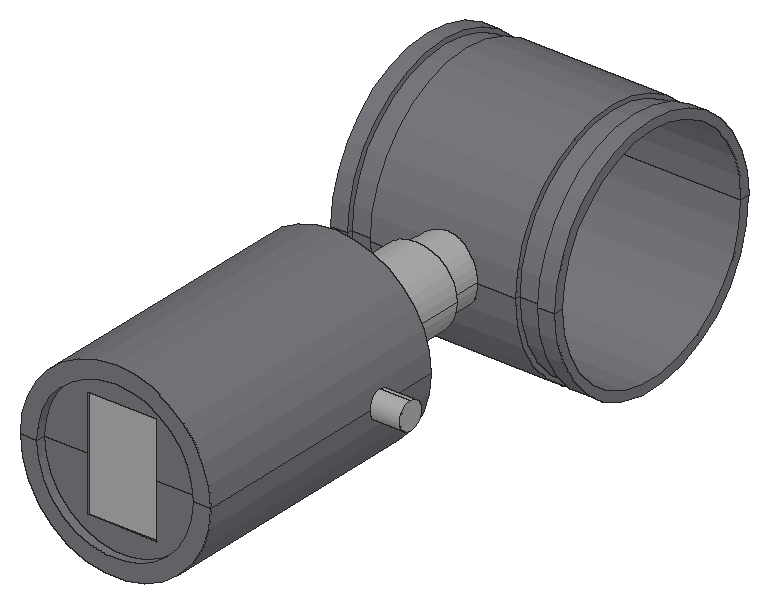
Revit family "MECON Turbo-Lux® 3 Digital", category Rohrzubehör, Revit 2023
Family settings
  Bemaßung runder Anschluss = Radius verwenden
  Teiletyp = Ventil - Zerlegung in
  OmniClass-Nummer = 23.60.10.17
  OmniClass-Titel = Flow Meters
  Arbeitsebenenbasiert = Nein
  Immer vertikal = Ja
  Beim Laden mit Abzugskörper schneiden = Nein
  Gemeinsam genutzt = Nein
Parameters (values of type "4"/ DN 100, 250 USgpm (ø 114,3 mm) ")
  l2 [instance] = 151.00 mm
  iVdS = 1 = 0  # no
  iR1 = Nominal_Radius + 4.00 mm  # 54.00 mm
  iLPCB = 1 = 0  # no
  iFd [instance] = not(Toggle Flow Direction)  # yes
  iFM = 1 = 1  # yes
  iD2 = Nominal_Diameter / 2 + 90.00 mm  # 140.00 mm
  iD [instance] = 0.00 mm  # constant formula
  iA1 [instance] = if(Angle > 360.00°, 360.00°, if(Angle < 0.00°, 0.00°, Angle))  # 90.00°
  Website Product = "https://www.mecon.de/en/orifice-flow-meters/turbo-lux-3-digital/"
  Vorgabe-Ansicht = 0.00 mm
  VdS approved [instance] = iVdS  # no
  VdS Approval = ""
  URL = "https://www.mecon.de/en"
  Typenkommentare = "4\"/ DN 100, 250 USgpm (ø 114,3 mm) FM"
  Toggle Flow Direction [instance] = no
  Technical Data Sheet = "https://www.mecon.de/en/orifice-flow-meters/turbo-lux-3-digital/?file=files/daten/downloads/en/Turbo-Lux-3-Short-Digital-Datasheet.pdf"
  Tag-No. [instance] = ""
  Serial Number [instance] = ""
  RVTversion [instance] = "2019"  # constant formula
  Order Code = "TL3P0-HF / TL3D0"
  Operating Manual = "https://www.mecon.de/en/orifice-flow-meters/turbo-lux-3-digital/?file=files/daten/downloads/en/Turbo-Lux-3-Digital-Manual.pdf"
  Nominal_Radius = Nominal_Diameter / 2  # 50 mm
  Nominal_Diameter = 100 mm
  Modell = "4\"/ DN 100 for pump 250 USgpm (ø 114,3 mm) with FM approval"
  LPCB approved [instance] = iLPCB  # no
  LPCB Certificate = ""
  Index [instance] = "20230227"  # constant formula
  IfcExportType = "FLOWMETER"  # constant formula
  IfcExportAs = "IfcFlowMeter"  # constant formula
  Hersteller = "MECON GmbH, Röntgenstraße 105, 50169 Kerpen, Germany"  # constant formula
  Grey = Metal - grey
  Glass = Glass-
  Flow Range = "100 - 500 USgpm / 380 - 1900 lpm"
  FM approved [instance] = iFM  # yes
  FM Certificate = "https://www.mecon.de/en/orifice-flow-meters/turbo-lux-3-digital/?file=files/daten/downloads/en/Turbo-Lux-3-Digital-Fm-Certificate.pdf"
  Druckverlust [instance] = 0.0 Pa
  Download Test Certificate = "https://download.mecon.de/downloads-en"
  Display_Couplings [instance] = no
  Delivery Time = "in stock"  # constant formula
  Color_Body = Metal - RAL5015
  Build in Length = 100.00 mm
  Blue = Metal - RAL5015
  Black = Metal - black
  Approval = "FM"
  Angle [instance] = 90.00°
Types (57, lengths in mm): name | iR1 | iD2 | Typenkommentare | Order Code | Nominal_Radius | Nominal_Diameter | Modell | Flow Range | Color_Body | Build in Length
  12"/ DN 300, 5000 USgpm (ø 323,9 mm) - stainless steel | 154.00 | 240.00 | "12\"/ DN 300, 5000 USgpm (ø 323,9 mm) FM - stainless steel" | "TL3P0-NWS / TL3D0" | 150 | 300 | "12\"/ DN 300 for pump 5000 USgpm (ø 323,9 mm) with FM approval" | "2000 - 10000 USgpm / 7600 - 38000 lpm" | Metal - stainless steel | 200.00
  12"/ DN 300, 5000 USgpm (ø 323,9 mm) - red | 154.00 | 240.00 | "12\"/ DN 300, 5000 USgpm (ø 323,9 mm) FM - red" | "TL3P0-NWR / TL3D0" | 150 | 300 | "12\"/ DN 300 for pump 5000 USgpm (ø 323,9 mm) with FM approval" | "2000 - 10000 USgpm / 7600 - 38000 lpm" | Metal - RAL3000 | 200.00
  12"/ DN 300, 5000 USgpm (ø 323,9 mm) | 154.00 | 240.00 | "12\"/ DN 300, 5000 USgpm (ø 323,9 mm)  FM" | "TL3P0-NW / TL3D0" | 150 | 300 | "12\"/ DN 300 for pump 5000 USgpm (ø 323,9 mm) with FM approval" | "2000 - 10000 USgpm / 7600 - 38000 lpm" | Metal - RAL5015 | 200.00
  10"/ DN 250, 4500 USgpm (ø 273,0 mm) - stainless steel | 129.00 | 215.00 | "10\"/ DN 250, 4500 USgpm (ø 273,0 mm) FM - stainless steel" | "TL3P0-MVS / TL3D0" | 125 | 250 | "10\"/ DN 250 for pump 4500 USgpm (ø 273,0 mm) with FM approval" | "1800 - 9000 USgpm / 6800 - 34000 lpm" | Metal - stainless steel | 200.00
  10"/ DN 250, 4500 USgpm (ø 273,0 mm) - red | 129.00 | 215.00 | "10\"/ DN 250, 4500 USgpm (ø 273,0 mm) FM - red" | "TL3P0-MVR / TL3D0" | 125 | 250 | "10\"/ DN 250 for pump 4500 USgpm (ø 273,0 mm) with FM approval" | "1800 - 9000 USgpm / 6800 - 34000 lpm" | Metal - RAL3000 | 200.00
  10"/ DN 250, 4500 USgpm (ø 273,0 mm) | 129.00 | 215.00 | "10\"/ DN 250, 4500 USgpm (ø 273,0 mm)  FM" | "TL3P0-MV / TL3D0" | 125 | 250 | "10\"/ DN 250 for pump 4500 USgpm (ø 273,0 mm) with FM approval" | "1800 - 9000 USgpm / 6800 - 34000 lpm" | Metal - RAL5015 | 200.00
  10"/ DN 250, 4000 USgpm (ø 273,0 mm) - stainless steel | 129.00 | 215.00 | "10\"/ DN 250, 4000 USgpm (ø 273,0 mm) FM - stainless steel" | "TL3P0-MUS / TL3D0" | 125 | 250 | "10\"/ DN 250 for pump 4000 USgpm (ø 273,0 mm) with FM approval" | "1600 - 8000 USgpm / 6000 - 30000 lpm" | Metal - stainless steel | 200.00
  10"/ DN 250, 4000 USgpm (ø 273,0 mm) - red | 129.00 | 215.00 | "10\"/ DN 250, 4000 USgpm (ø 273,0 mm) FM - red" | "TL3P0-MUR / TL3D0" | 125 | 250 | "10\"/ DN 250 for pump 4000 USgpm (ø 273,0 mm) with FM approval" | "1600 - 8000 USgpm / 6000 - 30000 lpm" | Metal - RAL3000 | 200.00
  10"/ DN 250, 4000 USgpm (ø 273,0 mm) | 129.00 | 215.00 | "10\"/ DN 250, 4000 USgpm (ø 273,0 mm)  FM" | "TL3P0-MU / TL3D0" | 125 | 250 | "10\"/ DN 250 for pump 4000 USgpm (ø 273,0 mm) with FM approval" | "1600 - 8000 USgpm / 6000 - 30000 lpm" | Metal - RAL5015 | 200.00
  10"/ DN 250, 3500 USgpm (ø 273,0 mm) - stainless steel | 129.00 | 215.00 | "10\"/ DN 250, 3500 USgpm (ø 273,0 mm) - stainless steel" | "TL3P0-MTS / TL3D0" | 125 | 250 | "10\"/ DN 250 for pump 3500 USgpm (ø 273,0 mm) with FM approval" | "1400 - 7000 USgpm / 5300 - 26500 lpm" | Metal - stainless steel | 200.00
  10"/ DN 250, 3500 USgpm (ø 273,0 mm) - red | 129.00 | 215.00 | "10\"/ DN 250, 3500 USgpm (ø 273,0 mm) FM - red" | "TL3P0-MTR / TL3D0" | 125 | 250 | "10\"/ DN 250 for pump 3500 USgpm (ø 273,0 mm) with FM approval" | "1400 - 7000 USgpm / 5300 - 26500 lpm" | Metal - RAL3000 | 200.00
  10"/ DN 250, 3500 USgpm (ø 273,0 mm) | 129.00 | 215.00 | "10\"/ DN 250, 3500 USgpm (ø 273,0 mm) FM" | "TL3P0-MT / TL3D0" | 125 | 250 | "10\"/ DN 250 for pump 3500 USgpm (ø 273,0 mm) with FM approval" | "1400 - 7000 USgpm / 5300 - 26500 lpm" | Metal - RAL5015 | 200.00
  8"/ DN 200, 3000 USgpm (ø 219,1 mm) - stainless steel | 104.00 | 190.00 | "8\"/ DN 200, 3000 USgpm (ø 219,1 mm) FM - stainless steel" | "TL3P0-LSS / TL3D0" | 100 | 200 | "8\"/ DN 200 for pump 3000 USgpm (ø 219,1 mm) with FM approval" | "1200 - 6000 USgpm / 4500 - 22500 lpm" | Metal - stainless steel | 200.00
  8"/ DN 200, 3000 USgpm (ø 219,1 mm) - red | 104.00 | 190.00 | "8\"/ DN 200, 3000 USgpm (ø 219,1 mm) FM - red" | "TL3P0-LSR / TL3D0" | 100 | 200 | "8\"/ DN 200 for pump 3000 USgpm (ø 219,1 mm) with FM approval" | "1200 - 6000 USgpm / 4500 - 22500 lpm" | Metal - RAL3000 | 200.00
  8"/ DN 200, 3000 USgpm (ø 219,1 mm) | 104.00 | 190.00 | "8\"/ DN 200, 3000 USgpm (ø 219,1 mm) FM" | "TL3P0-LS / TL3D0" | 100 | 200 | "8\"/ DN 200 for pump 3000 USgpm (ø 219,1 mm) with FM approval" | "1200 - 6000 USgpm / 4500 - 22 500 lpm" | Metal - RAL5015 | 200.00
  8"/ DN 200, 2500 USgpm (ø 219,1 mm) - stainless steel | 104.00 | 190.00 | "8\"/ DN 200, 2500 USgpm (ø 219,1 mm) FM - stainless steel" | "TL3P0-LRS / TL3D0" | 100 | 200 | "8\"/ DN 200 for pump 2500 USgpm (ø 219,1 mm) with FM approval" | "1000 - 5000 USgpm / 3800 - 19000 lpm" | Metal - stainless steel | 200.00
  8"/ DN 200, 2500 USgpm (ø 219,1 mm) - red | 104.00 | 190.00 | "8\"/ DN 200, 2500 USgpm (ø 219,1 mm) FM - red" | "TL3P0-LRR / TL3D0" | 100 | 200 | "8\"/ DN 200 for pump 2500 USgpm (ø 219,1 mm) with FM approval" | "1000 - 5000 USgpm / 3800 - 19000 lpm" | Metal - RAL3000 | 200.00
  8"/ DN 200, 2500 USgpm (ø 219,1 mm) | 104.00 | 190.00 | "8\"/ DN 200, 2500 USgpm (ø 219,1 mm) FM" | "TL3P0-LR / TL3D0" | 100 | 200 | "8\"/ DN 200 for pump 2500 USgpm (ø 219,1 mm) with FM approval" | "1000 - 5000 USgpm / 3800 - 19000 lpm" | Metal - RAL5015 | 200.00
  8"/ DN 200, 2000 USgpm (ø 219,1 mm) - stainless steel | 104.00 | 190.00 | "8\"/ DN 200, 2000 USgpm (ø 219,1 mm) FM - stainless steel" | "TL3P0-LQS / TL3D0" | 100 | 200 | "8\"/ DN 200 for pump 2000 USgpm (ø 219,1 mm) with FM approval" | "800 - 4000 USgpm / 3000 - 15000 lpm" | Metal - stainless steel | 200.00
  8"/ DN 200, 2000 USgpm (ø 219,1 mm) - red | 104.00 | 190.00 | "8\"/ DN 200, 2000 USgpm (ø 219,1 mm) FM - red" | "TL3P0-LQR / TL3D0" | 100 | 200 | "8\"/ DN 200 for pump 2000 USgpm (ø 219,1 mm) with FM approval" | "800 - 4000 USgpm / 3000 - 15000 lpm" | Metal - RAL3000 | 200.00
  8"/ DN 200, 2000 USgpm (ø 219,1 mm) | 104.00 | 190.00 | "8\"/ DN 200, 2000 USgpm (ø 219,1 mm) FM" | "TL3P0-LQ / TL3D0" | 100 | 200 | "8\"/ DN 200 for pump 2000 USgpm (ø 219,1 mm) with FM approval" | "800 - 4000 USgpm / 3000 - 15000 lpm" | Metal - RAL5015 | 200.00
  8"/ DN 200, 1500 USgpm (ø 219,1 mm) - stainless steel | 104.00 | 190.00 | "8\"/ DN 200, 1500 USgpm (ø 219,1 mm) FM - stainless steel" | "TL3P0-LPS / TL3D0" | 100 | 200 | "8\"/ DN 200 for pump 1500 USgpm (ø 219,1 mm) with FM approval" | "600 - 3000 USgpm / 2200 - 11000 lpm" | Metal - stainless steel | 200.00
  8"/ DN 200, 1500 USgpm (ø 219,1 mm) - red | 104.00 | 190.00 | "8\"/ DN 200, 1500 USgpm (ø 219,1 mm) FM - red" | "TL3P0-LPR / TL3D0" | 100 | 200 | "8\"/ DN 200 for pump 1500 USgpm (ø 219,1 mm) with FM approval" | "600 - 3000 USgpm / 2200 - 11000 lpm" | Metal - RAL3000 | 200.00
  8"/ DN 200, 1500 USgpm (ø 219,1 mm) | 104.00 | 190.00 | "8\"/ DN 200, 1500 USgpm (ø 219,1 mm) FM" | "TL3P0-LP / TL3D0" | 100 | 200 | "8\"/ DN 200 for pump 1500 USgpm (ø 219,1 mm) with FM approval" | "600 - 3000 USgpm / 2200 - 11000 lpm" | Metal - RAL5015 | 200.00
  6"/ DN 150, 1250 USgpm (ø 165,1 mm) - stainless steel | 79.00 | 165.00 | "6\"/ DN 150, 1250 USgpm (ø 165,1 mm) FM - stainless steel" | "TL3P0-XNS / TL3D0" | 75 | 150 | "6\"/ DN 150 for pump 1250 USgpm (ø 165,1 mm) with FM approval" | "500 - 2500 USgpm / 1900 - 9500 lpm" | Metal - stainless steel | 200.00
  6"/ DN 150, 1250 USgpm (ø 165,1 mm) - red | 79.00 | 165.00 | "6\"/ DN 150, 1250 USgpm (ø 165,1 mm) FM - red" | "TL3P0-XNR / TL3D0" | 75 | 150 | "6\"/ DN 150 for pump 1250 USgpm (ø 165,1 mm) with FM approval" | "500 - 2500 USgpm / 1900 - 9500 lpm" | Metal - RAL3000 | 200.00
  6"/ DN 150, 1250 USgpm (ø 165,1 mm) | 79.00 | 165.00 | "6\"/ DN 150, 1250 USgpm (ø 165,1 mm) FM" | "TL3P0-XN / TL3D0" | 75 | 150 | "6\"/ DN 150 for pump 1250 USgpm (ø 165,1 mm) with FM approval" | "500 - 2500 USgpm / 1900 - 9500 lpm" | Metal - RAL5015 | 200.00
  6"/ DN 150, 1000 USgpm (ø 165,1 mm) - stainless steel | 79.00 | 165.00 | "6\"/ DN 150, 1000 USgpm (ø 165,1 mm) FM - stainless steel" | "TL3P0-XMS / TL3D0" | 75 | 150 | "6\"/ DN 150 for pump 1000 USgpm (ø 165,1 mm) with FM approval" | "400 - 2000 USgpm / 1500 - 7500 lpm" | Metal - stainless steel | 200.00
  6"/ DN 150, 1000 USgpm (ø 165,1 mm) - red | 79.00 | 165.00 | "6\"/ DN 150, 1000 USgpm (ø 165,1 mm) FM - red" | "TL3P0-XMR / TL3D0" | 75 | 150 | "6\"/ DN 150 for pump 1000 USgpm (ø 165,1 mm) with FM approval" | "400 - 2000 USgpm / 1500 - 7500 lpm" | Metal - RAL3000 | 200.00
  6"/ DN 150, 1000 USgpm (ø 165,1 mm) | 79.00 | 165.00 | "6\"/ DN 150, 1000 USgpm (ø 165,1 mm) FM" | "TL3P0-XM / TL3D0" | 75 | 150 | "6\"/ DN 150 for pump 1000 USgpm (ø 165,1 mm) with FM approval" | "400 - 2000 USgpm / 1500 - 7500 lpm" | Metal - RAL5015 | 200.00
  6"/ DN 150, 750 USgpm (ø 165,1 mm) - stainless steel | 79.00 | 165.00 | "6\"/ DN 150, 750 USgpm (ø 165,1 mm) FM - stainless steel" | "TL3P0-XLS / TL3D0" | 75 | 150 | "6\"/ DN 150 for pump 750 USgpm (ø 165,1 mm) with FM approval" | "300 - 1500 USgpm / 1130 - 5650 lpm" | Metal - stainless steel | 200.00
  6"/ DN 150, 750 USgpm (ø 165,1 mm) - red | 79.00 | 165.00 | "6\"/ DN 150, 750 USgpm (ø 165,1 mm) FM - red" | "TL3P0-XLR / TL3D0" | 75 | 150 | "6\"/ DN 150 for pump 750 USgpm (ø 165,1 mm) with FM approval" | "300 - 1500 USgpm / 1130 - 5650 lpm" | Metal - RAL3000 | 200.00
  6"/ DN 150, 750 USgpm (ø 165,1 mm) | 79.00 | 165.00 | "6\"/ DN 150, 750 USgpm (ø 165,1 mm) FM" | "TL3P0-XL / TL3D0" | 75 | 150 | "6\"/ DN 150 for pump 750 USgpm (ø 165,1 mm) with FM approval" | "300 - 1500 USgpm / 1130 - 5650 lpm" | Metal - RAL5015 | 200.00
  6"/ DN 150, 500 USgpm (ø 165,1 mm) - stainless steel | 79.00 | 165.00 | "6\"/ DN 150, 500 USgpm (ø 165,1 mm) FM - stainless steel" | "TL3P0-XKS / TL3D0" | 75 | 150 | "6\"/ DN 150 for pump 500 USgpm (ø 165,1 mm) with FM approval" | "200 - 1000 USgpm / 760 - 3800 lpm" | Metal - stainless steel | 200.00
  6"/ DN 150, 500 USgpm (ø 165,1 mm) - red | 79.00 | 165.00 | "6\"/ DN 150, 500 USgpm (ø 165,1 mm) FM - red" | "TL3P0-XKR / TL3D0" | 75 | 150 | "6\"/ DN 150 for pump 500 USgpm (ø 165,1 mm) with FM approval" | "200 - 1000 USgpm / 760 - 3800 lpm" | Metal - RAL3000 | 200.00
  6"/ DN 150, 500 USgpm (ø 165,1 mm) | 79.00 | 165.00 | "6\"/ DN 150, 500 USgpm (ø 165,1 mm) FM" | "TL3P0-XK / TL3D0" | 75 | 150 | "6\"/ DN 150 for pump 500 USgpm (ø 165,1 mm) with FM approval" | "200 - 1000 USgpm / 760 - 3800 lpm" | Metal - RAL5015 | 200.00
  6"/ DN 150, 1250 USgpm (ø 168,3 mm) - stainless steel | 79.00 | 165.00 | "6\"/ DN 150, 1250 USgpm (ø 168,3 mm) FM - stainless steel" | "TL3P0-KNS / TL3D0" | 75 | 150 | "6\"/ DN 150 for pump 1250 USgpm (ø 168,3 mm) with FM approval" | "500 - 2500 USgpm / 1900 - 9500 lpm" | Metal - stainless steel | 200.00
  6"/ DN 150, 1250 USgpm (ø 168,3 mm) - red | 79.00 | 165.00 | "6\"/ DN 150, 1250 USgpm (ø 168,3 mm) FM - red" | "TL3P0-KNR / TL3D0" | 75 | 150 | "6\"/ DN 150 for pump 1250 USgpm (ø 168,3 mm) with FM approval" | "500 - 2500 USgpm / 1900 - 9500 lpm" | Metal - RAL3000 | 200.00
  6"/ DN 150, 1250 USgpm (ø 168,3 mm) | 79.00 | 165.00 | "6\"/ DN 150, 1250 USgpm (ø 168,3 mm) FM" | "TL3P0-KN / TL3D0" | 75 | 150 | "6\"/ DN 150 for pump 1250 USgpm (ø 168,3 mm) with FM approval" | "500 - 2500 USgpm / 1900 - 9500 lpm" | Metal - RAL5015 | 200.00
  6"/ DN 150, 1000 USgpm (ø 168,3 mm) - stainless steel | 79.00 | 165.00 | "6\"/ DN 150, 1000 USgpm (ø 168,3 mm) FM - stainless steel" | "TL3P0-KMS / TL3D0" | 75 | 150 | "6\"/ DN 150 for pump 1000 USgpm (ø 168,3 mm) with FM approval" | "400 - 2000 USgpm / 1500 - 7500 lpm" | Metal - stainless steel | 200.00
  6"/ DN 150, 1000 USgpm (ø 168,3 mm) - red | 79.00 | 165.00 | "6\"/ DN 150, 1000 USgpm (ø 168,3 mm) FM - red" | "TL3P0-KMR / TL3D0" | 75 | 150 | "6\"/ DN 150 for pump 1000 USgpm (ø 168,3 mm) with FM approval" | "400 - 2000 USgpm / 1500 - 7500 lpm" | Metal - RAL3000 | 200.00
  6"/ DN 150, 1000 USgpm (ø 168,3 mm) | 79.00 | 165.00 | "6\"/ DN 150, 1000 USgpm (ø 168,3 mm) FM" | "TL3P0-KM / TL3D0" | 75 | 150 | "6\"/ DN 150 for pump 1000 USgpm (ø 168,3 mm) with FM approval" | "400 - 2000 USgpm / 1500 - 7500 lpm" | Metal - RAL5015 | 200.00
  6"/ DN 150, 750 USgpm (ø 168,3 mm) - stainless steel | 79.00 | 165.00 | "6\"/ DN 150, 750 USgpm (ø 168,3 mm) FM - stainless steel" | "TL3P0-KLS / TL3D0" | 75 | 150 | "6\"/ DN 150 for pump 750 USgpm (ø 168,3 mm) with FM approval" | "300 -1500 USgpm / 1130 - 5650 lpm" | Metal - stainless steel | 200.00
  6"/ DN 150, 750 USgpm (ø 168,3 mm) - red | 79.00 | 165.00 | "6\"/ DN 150, 750 USgpm (ø 168,3 mm) FM - red" | "TL3P0-KLR / TL3D0" | 75 | 150 | "6\"/ DN 150 for pump 750 USgpm (ø 168,3 mm) with FM approval" | "300 -1500 USgpm / 1130 - 5650 lpm" | Metal - RAL3000 | 200.00
  6"/ DN 150, 750 USgpm (ø 168,3 mm) | 79.00 | 165.00 | "6\"/ DN 150, 750 USgpm (ø 168,3 mm) FM" | "TL3P0-KL / TL3D0" | 75 | 150 | "6\"/ DN 150 for pump 750 USgpm (ø 168,3 mm) with FM approval" | "300 -1500 USgpm / 1130 - 5650 lpm" | Metal - RAL5015 | 200.00
  6"/ DN 150, 500 USgpm (ø 168,3 mm) - stainless steel | 79.00 | 165.00 | "6\"/ DN 150, 500 USgpm (ø 168,3 mm) FM - stainless steel" | "TL3P0-KKS / TL3D0" | 75 | 150 | "4\"/ DN 100 for pump 250 USgpm (ø 114,3 mm) with FM approval" | "200 - 1000 USgpm / 760 - 3800 lpm" | Metal - stainless steel | 200.00
  6"/ DN 150, 500 USgpm (ø 168,3 mm) - red | 79.00 | 165.00 | "6\"/ DN 150, 500 USgpm (ø 168,3 mm) FM - red" | "TL3P0-KKR / TL3D0" | 75 | 150 | "6\"/ DN 150 for pump 500 USgpm (ø 168,3 mm) with FM approval" | "200 - 1000 USgpm / 760 - 3800 lpm" | Metal - RAL3000 | 200.00
  6"/ DN 150, 500 USgpm (ø 168,3 mm) | 79.00 | 165.00 | "6\"/ DN 150, 500 USgpm (ø 168,3 mm) FM" | "TL3P0-KK / TL3D0" | 75 | 150 | "6\"/ DN 150 for pump 500 USgpm (ø 168,3 mm) with FM approval" | "200 - 1000 USgpm / 760 - 3800 lpm" | Metal - RAL5015 | 200.00
  4"/ DN 100, 450 USgpm (ø 114,3 mm) | 54.00 | 140.00 | "4\"/ DN 100, 450 USgpm (ø 114,3 mm) FM" | "TL3P0-HJ / TL3D0" | 50 | 100 | "4\"/ DN 100 for pump 450 USgpm (ø 114,3 mm) with FM approval" | "180 - 900 USgpm / 680 - 3400 lpm" | Metal - RAL5015 | 100.00
  4"/ DN 100, 400 USgpm (ø 114,3 mm) | 54.00 | 140.00 | "4\"/ DN 100, 400 USgpm (ø 114,3 mm) FM" | "TL3P0-HH / TL3D0" | 50 | 100 | "4\"/ DN 100 for pump 400 USgpm (ø 114,3 mm) with FM approval" | "160 - 800 USgpm / 600 - 3000 lpm" | Metal - RAL5015 | 100.00
  4"/ DN 100, 300 USgpm (ø 114,3 mm) | 54.00 | 140.00 | "4\"/ DN 100, 300 USgpm (ø 114,3 mm) FM" | "TL3P0-HG / TL3D0" | 50 | 100 | "4\"/ DN 100 for pump 300 USgpm (ø 114,3 mm) with FM approval" | "120 - 600 USgpm / 460 - 2300 lpm" | Metal - RAL5015 | 100.00
  4"/ DN 100, 250 USgpm (ø 114,3 mm) | 54.00 | 140.00 | "4\"/ DN 100, 250 USgpm (ø 114,3 mm) FM" | "TL3P0-HF / TL3D0" | 50 | 100 | "4\"/ DN 100 for pump 250 USgpm (ø 114,3 mm) with FM approval" | "100 - 500 USgpm / 380 - 1900 lpm" | Metal - RAL5015 | 100.00
  3"/ DN 80, 200 USgpm (ø 88,9 mm) | 44.00 | 130.00 | "3\"/ DN 80, 200 USgpm (ø 88,9 mm) FM" | "TL3P0-GE / TL3D0" | 40 | 80 | "3\"/ DN 80 for pump 200 USgpm (ø 88,9 mm) with FM approval" | "80 - 400 USgpm / 300 - 1500 lpm" | Metal - RAL5015 | 100.00
  3"/ DN 80, 150 USgpm (ø 88,9 mm) | 44.00 | 130.00 | "3\"/ DN 80, 150 USgpm (ø 88,9 mm) FM" | "TL3P0-GD / TL3D0" | 40 | 80 | "3\"/ DN 80 for pump 150 USgpm (ø 88,9 mm) with FM approval" | "60 - 300 USgpm / 220 - 1100 lpm" | Metal - RAL5015 | 100.00
  2½"/ DN 65, 100 USgpm (ø 76,1 mm) | 36.50 | 122.50 | "2½\"/ DN 65, 100 USgpm (ø 76,1 mm) FM" | "TL3P0-FC / TL3D0" | 32.5 | 65 | "2½\"/ DN 65 for pump 100 USgpm (ø 76,1 mm) with FM approval" | "40 - 200 USgpm / 150 - 750 lpm" | Metal - RAL5015 | 100.00
  2½"/ DN 65, 100 USgpm (ø 73,0 mm) | 36.50 | 122.50 | "2½\"/ DN 65, 100 USgpm (ø 73,0 mm) FM" | "TL3P0-UC / TL3D0" | 32.5 | 65 | "2½\"/ DN 65 for pump 100 USgpm (ø 73,0 mm) with FM approval" | "40 - 200 USgpm / 150 - 750 lpm" | Metal - RAL5015 | 100.00
  2"/ DN 50, 50 USgpm (ø 60,3 mm) | 29.00 | 115.00 | "2\"/ DN 50, 50 USgpm (ø 60,3 mm) FM" | "TL3P0-EB / TL3D0" | 25 | 50 | "2\"/ DN 50 for pump 50 USgpm (ø 60,3 mm) with FM approval" | "20 - 100 USgpm / 75 - 375 lpm" | Metal - RAL5015 | 100.00
Reference planes
  plane 1 "Mitte (Vorne/hinten)": y = 0
  plane 2: z = 0
  plane 3 "Mitte (Links/rechts)": x = 0
  plane 4 "connL": x = -50
  plane 5 "connR": x = 50
  plane 6: x = -50
  plane 7: x = 50
  plane 8: y = -114
  plane 9 "iR1": y = -54
  plane 10: y = -50
  plane 11: y = -69
  plane 12: y = -99
  plane 13: y = 50
  plane 14: y = -140
  plane 15: y = 140
  plane 16: y = 411.757
  plane 17: y = 100
  plane 18: y = 140
  plane 19: y = -140
Forms (mm)
  Extrusion 1, solid, material "Metal - grey" <- "Grey", detail levels fine
    sketch origin (0, -54, 0) x (-1, 0, 0) y (0, 0, 1)
      loop
        circle (0, 0) r 15
    from 4 to -60
  Extrusion 2, solid, material "Metal - grey" <- "Grey", detail levels fine
    sketch origin (0, -54, 0) x (-1, 0, 0) y (0, 0, 1)
      loop
        circle (0, 0) r 18
    from -45 to -15
  Revolve 3, solid, material "Metal - RAL5015" <- "Blue", detail levels fine
    sketch origin (0, 0, 0) x (1, 0, 0) y (0, 1, 0)
      loop
        line (-50, 54) -> (-50, 50) -> (50, 50) -> (50, 54) -> (42.5, 54) -> (42.5, 52) -> (32.5, 52) -> (32.5, 54) -> (-32.5, 54) -> (-32.5, 52) -> (-42.5, 52) -> (-42.5, 54) -> (-50, 54)
      axis (50, 0) -> (-50, 0)
    angle from 0 to 360
Lines and regions (mm)
  symbolic lines, style "Flow Direction Symbol", visible <- "Toggle Flow Direction"
    curve 1: line (0, -147.5, 0) -> (0, -132.5, 0)
    curve 9: line (0, -147.5, 0) -> (-30, -147.5, 0)
    curve 10: line (-30, -157.5, 0) -> (-47.5, -140, 0)
    curve 11: line (-30, -147.5, 0) -> (-30, -157.5, 0)
    curve 12: line (0, -132.5, 0) -> (-30, -132.5, 0)
    curve 13: line (-30, -122.5, 0) -> (-47.5, -140, 0)
    curve 14: line (-30, -132.5, 0) -> (-30, -122.5, 0)
  symbolic lines, style "Flow Direction Symbol", visible <- "iFd"
    curve 2: line (0, -147.5, 0) -> (30, -147.5, 0)
    curve 3: line (30, -157.5, 0) -> (47.5, -140, 0)
    curve 4: line (30, -147.5, 0) -> (30, -157.5, 0)
    curve 5: line (0, -132.5, 0) -> (30, -132.5, 0)
    curve 6: line (30, -122.5, 0) -> (47.5, -140, 0)
    curve 7: line (30, -132.5, 0) -> (30, -122.5, 0)
    curve 8: line (0, -147.5, 0) -> (0, -132.5, 0)
  model lines, style "Flow Direction Symbol"
    curve 15: line (0, 132.5, 0) -> (0, 147.5, 0)
  model lines, style "Flow Direction Symbol", visible <- "iFd"
    curve 16: line (0, 132.5, 0) -> (30, 132.5, 0)
    curve 17: line (30, 122.5, 0) -> (47.5, 140, 0)
    curve 18: line (30, 132.5, 0) -> (30, 122.5, 0)
    curve 19: line (0, 147.5, 0) -> (30, 147.5, 0)
    curve 20: line (30, 157.5, 0) -> (47.5, 140, 0)
    curve 21: line (30, 147.5, 0) -> (30, 157.5, 0)
  model lines, style "Flow Direction Symbol", visible <- "Toggle Flow Direction"
    curve 22: line (0, 132.5, 0) -> (0, 147.5, 0)
    curve 23: line (0, 132.5, 0) -> (-30, 132.5, 0)
    curve 24: line (-30, 122.5, 0) -> (-47.5, 140, 0)
    curve 25: line (-30, 132.5, 0) -> (-30, 122.5, 0)
    curve 26: line (0, 147.5, 0) -> (-30, 147.5, 0)
    curve 27: line (-30, 157.5, 0) -> (-47.5, 140, 0)
    curve 28: line (-30, 147.5, 0) -> (-30, 157.5, 0)
  model lines, style "Flow Direction Symbol", not visible
    curve 29: line (0, 419.257, 100) -> (0, 404.257, 100)
  model lines, style "Flow Direction Symbol", visible <- "iFd", not visible
    curve 30: line (0, 419.257, 100) -> (30, 419.257, 100)
    curve 31: line (30, 429.257, 100) -> (47.5, 411.757, 100)
    curve 32: line (30, 419.257, 100) -> (30, 429.257, 100)
    curve 33: line (0, 404.257, 100) -> (30, 404.257, 100)
    curve 34: line (30, 394.257, 100) -> (47.5, 411.757, 100)
    curve 35: line (30, 404.257, 100) -> (30, 394.257, 100)
  model lines, style "Flow Direction Symbol", visible <- "Toggle Flow Direction", not visible
    curve 36: line (0, 419.257, 100) -> (0, 404.257, 100)
    curve 37: line (0, 419.257, 100) -> (-30, 419.257, 100)
    curve 38: line (-30, 429.257, 100) -> (-47.5, 411.757, 100)
    curve 39: line (-30, 419.257, 100) -> (-30, 429.257, 100)
    curve 40: line (0, 404.257, 100) -> (-30, 404.257, 100)
    curve 41: line (-30, 394.257, 100) -> (-47.5, 411.757, 100)
    curve 42: line (-30, 404.257, 100) -> (-30, 394.257, 100)
  symbolic lines, style "Flow Direction Symbol", visible <- "Toggle Flow Direction", not visible
    curve 43: line (380, 92.5, 0) -> (380, 107.5, 0)
    curve 51: line (380, 92.5, 0) -> (350, 92.5, 0)
    curve 52: line (350, 82.5, 0) -> (332.5, 100, 0)
    curve 53: line (350, 92.5, 0) -> (350, 82.5, 0)
    curve 54: line (380, 107.5, 0) -> (350, 107.5, 0)
    curve 55: line (350, 117.5, 0) -> (332.5, 100, 0)
    curve 56: line (350, 107.5, 0) -> (350, 117.5, 0)
  symbolic lines, style "Flow Direction Symbol", visible <- "iFd", not visible
    curve 44: line (380, 92.5, 0) -> (410, 92.5, 0)
    curve 45: line (410, 82.5, 0) -> (427.5, 100, 0)
    curve 46: line (410, 92.5, 0) -> (410, 82.5, 0)
    curve 47: line (380, 107.5, 0) -> (410, 107.5, 0)
    curve 48: line (410, 117.5, 0) -> (427.5, 100, 0)
    curve 49: line (410, 107.5, 0) -> (410, 117.5, 0)
    curve 50: line (380, 92.5, 0) -> (380, 107.5, 0)
Dimensions and locks
  equal spacing: plane 4 "connL", plane 3 "Mitte (Links/rechts)", plane 5 "connR"
  equal spacing: plane 6, plane 3 "Mitte (Links/rechts)", plane 7
  "Build in Length": plane 6 to plane 7
  "iD": plane 4 "connL" to plane 6
  locked: plane 9 "iR1" to plane 8 at 60
  "iR1": plane 9 "iR1" to plane 1 "Mitte (Vorne/hinten)"
  locked: plane 9 "iR1" to plane 10 at 4
  locked: plane 9 "iR1" to plane 11 at 15
  locked: plane 12 to plane 11 at 30
  plane 3 "Mitte (Links/rechts)" to plane 7 = 50.00 mm
  locked: plane 12 to nested 1 at 15
  locked: Revolve 3 sketch curve to Revolve 3 sketch curve at 4
  locked: Revolve 3 sketch curve to Revolve 3 sketch curve at 2
  "Nominal_Radius": plane 13 to plane 1 "Mitte (Vorne/hinten)"
  "iD2": plane 18 to plane 1 "Mitte (Vorne/hinten)"
  "iD2": plane 1 "Mitte (Vorne/hinten)" to plane 19
  "Angle": angle plane 3 "Mitte (Links/rechts)" to nested 1
  aligned and locked: level to plane 2
  aligned and locked: nested 1 to plane 8
  aligned and locked: Extrusion 1 to plane 8
  aligned and locked: plane 10 to Extrusion 1
  aligned and locked: plane 3 "Mitte (Links/rechts)" to nested 2
  aligned and locked: nested 2 to level
  aligned and locked: plane 1 "Mitte (Vorne/hinten)" to nested 2
  aligned and locked: Extrusion 2 to plane 12
  aligned and locked: Extrusion 2 to plane 11
  aligned and locked: plane 3 "Mitte (Links/rechts)" to nested 1
  aligned and locked: level to nested 1
  aligned and locked: plane 1 "Mitte (Vorne/hinten)" to nested 4
  aligned and locked: plane 6 to nested 4
  aligned and locked: plane 7 to nested 5
  aligned and locked: Revolve 3 to plane 6
  aligned and locked: Revolve 3 to plane 7
  aligned and locked: plane 13 to Revolve 3 sketch curve
  aligned and locked: Revolve 3 sketch curve to Revolve 3 sketch curve  (x2)
  aligned and locked: plane 15 to plane 18
  aligned and locked: plane 19 to plane 14
  aligned and locked: plane 3 "Mitte (Links/rechts)" to curve 8
  aligned and locked: nested 3 to curve 22
Automatic sketch dimensions
  Extrusion 1 sketch curve to level = 0.00 mm
  Extrusion 1 sketch curve to plane 3 "Mitte (Links/rechts)" = 0.00 mm
  Extrusion 2 sketch curve to level = 0.00 mm
  Extrusion 2 sketch curve to plane 3 "Mitte (Links/rechts)" = 0.00 mm
  Revolve 3 sketch curve to plane 1 "Mitte (Vorne/hinten)" = 0.00 mm
  Revolve 3 sketch curve to plane 4 "connL" = 0.00 mm
  Revolve 3 sketch curve to plane 5 "connR" = 0.00 mm
  Revolve 3 sketch curve to Revolve 3 sketch curve = 7.50 mm
  Revolve 3 sketch curve to Revolve 3 sketch curve = 10.00 mm  (x2)
  Revolve 3 sketch curve to plane 5 "connR" = 17.50 mm
  plane 4 "connL" to Revolve 3 sketch curve = 1950.00 mm
  plane 5 "connR" to Revolve 3 sketch curve = 1950.00 mm
  plane 13 to Revolve 3 sketch curve = 2.00 mm
  radius of Extrusion 1 sketch curve = 15.00 mm
  radius of Extrusion 2 sketch curve = 18.00 mm
Nested families
  nested 1: "TL3D0" at (0, -114, 0) x (0, 0, 1) z (-1, 0, 0), Black <- "Black", Grey <- "Grey", Glass <- "Glass", Body <- "Color_Body", type "mecon", detail levels fine
    with Grey Metal - grey, Glass Glass-, Body Metal - RAL5015, Black Metal - black
  nested 2: "MeterFlowSymbol" at (0, 0, 0), type "MeterFlowSymbol", detail levels coarse+medium
  nested 3: "MeterFlowSymbol2D" at (0, 0, 0), type "MeterFlowSymbol2D", detail levels coarse+medium
  nested 4: "Coupling" at (-50, 0, 0), Nominal_Diameter <- "Nominal_Diameter", visible <- "Display_Couplings", Grey <- "Color_Body", type "Coupling", detail levels fine
    with iRa 74.00 mm, iR 54.00 mm, iL 50.00 mm, iDn 45.00 mm, iD 20.00 mm, Nominal_Radius 50 mm, Nominal_Diameter 100 mm, built-in parameter 1114238 (empty or 0), Grey Metal - RAL5015
  nested 5: "Coupling" at (50, 0, 0), Nominal_Diameter <- "Nominal_Diameter", visible <- "Display_Couplings", Grey <- "Color_Body", type "Coupling", detail levels fine
    with iRa 74.00 mm, iR 54.00 mm, iL 50.00 mm, iDn 45.00 mm, iD 20.00 mm, Nominal_Radius 50 mm, Nominal_Diameter 100 mm, built-in parameter 1114238 (empty or 0), Grey Metal - RAL5015
Connectors
  piping at (-50, 0, 0), diameter 100, driven by "Nominal_Radius"
    settings: index 4, connector inside diameter 609.6 mm, connector length 0.00 mm, flow factor 0, pipe flow 0.0 L/s, pressure drop 0.0 Pa, fitting loss kfactor 0, connector angle 0.00°, fixture units 0, engagement length 0.00 mm, angle of deflection 0.00°, flow configuration 0, flow direction 0, fitting loss method 0, system type 29, joint type 0, gender type 0, connector reference index 5, connector utility 0, adjustable connector no, is connector primary yes, connector description ""
  piping at (50, 0, 0), diameter 100, driven by "Nominal_Radius"
    settings: index 5, connector inside diameter 609.6 mm, connector length 0.00 mm, flow factor 0, pipe flow 0.0 L/s, pressure drop 0.0 Pa, fitting loss kfactor 0, connector angle 0.00°, fixture units 0, engagement length 0.00 mm, angle of deflection 0.00°, flow configuration 0, flow direction 0, fitting loss method 0, system type 29, joint type 0, gender type 0, connector reference index 4, connector utility 0, adjustable connector no, is connector primary no, connector description ""
Definition of nested family "TL3D0"
  Parameters (values of type "mecon")
    Default Elevation = 0.00 mm
    Order Code = "TL3D0"  # constant formula
    Grey [instance] = none
    Glass [instance] = none
    Body [instance] = none
    Black [instance] = none
  Reference planes
    plane 1 "Mitte (Vorne/hinten)": y = 0
    plane 2: z = 0
    plane 3 "Mitte (Links/rechts)": x = 0
    plane 4: z = -20
    plane 5: x = 0.057
  Forms (mm)
    Revolve 1, solid, material <- "Body"
      sketch origin (0, 0, 0) x (0, 1, 0) y (0, 0, 1)
        loop
          line (0, 0) -> (0, 42.5) -> (-123, 42.5) -> (-123, 35) -> (-119.1, 35) -> (-119.1, 0) -> (0, 0)
        axis (-123, 0) -> (0, 0)
      angle from 0 to 360
    Extrusion 2, void
      sketch origin (0, 0, 0) x (1, 0, 0) y (0, 0, 1)
        loop
          line (-24.443, 15.5) -> (-24.443, -15.5) -> (24.5, -15.5) -> (24.5, 15.5) -> (-24.443, 15.5)
      from 118.4 to 119.4
    Extrusion 3, solid, material <- "Grey"
      sketch origin (0, 0, 0) x (1, 0, 0) y (0, 1, 0)
        loop
          circle (0.057, -28) r 6
      from -41.95 to -55.8
  Cuts and joins
    Extrusion 2 cuts Revolve 1
  Lines and regions (mm)
    model lines
      curve 1: line (0, -16.963, 0) -> (0, -96.728, 0)
  Dimensions and locks
    level to plane 4 = 20.00 mm
    level to Extrusion 3 = 41.95 mm
    aligned and locked: level to plane 2
Definition of nested family "Coupling"
  Parameters (values of type "Coupling")
    iR [instance] = Nominal_Radius + 4.00 mm  # 54.00 mm
    iRa [instance] = iR + iD  # 74.00 mm
    iL [instance] = 50.00 mm
    iDn [instance] = 45.00 mm
    iD [instance] = 20.00 mm
    Nominal_Radius [instance] = Nominal_Diameter / 2  # 50 mm
    Nominal_Diameter [instance] = 100 mm
    built-in parameter 1114238 [instance] = (empty or 0)
    Index = "20200131"  # constant formula
    Grey [instance] = none
    Default Elevation = 1200.00 mm
  Reference planes
    plane 1 "Mitte (Vorne/hinten)": y = 0
    plane 2: z = 0
    plane 3 "Mitte (Links/rechts)": x = 0
    plane 4: x = -25
    plane 5: x = 25
    plane 6: y = 74
    plane 7: y = 54
    plane 8: y = -54
    plane 9: y = -74
    plane 10: z = 22.5
    plane 11: z = -22.5
    plane 12: y = 94
    plane 13: y = -94
  Forms (mm)
    Extrusion 1, solid, material <- "Grey"
      sketch origin (0, 0, 0) x (0, 1, 0) y (0, 0, 1)
        loop
          circle (0, 0) r 74
        loop
          circle (0, 0) r 54
      from -25 to 25
    Extrusion 2, solid, material <- "Grey"
      sketch origin (0, 0, 0) x (1, 0, 0) y (0, 1, 0)
        loop
          line (-25, 54) -> (25, 54) -> (25, 94)
          arc (25, 94) -> (0, 119) -> (-25, 94) r 25
          line (-25, 94) -> (-25, 54)
        loop
          line (-25, -54) -> (-25, -94)
          arc (-25, -94) -> (0, -119) -> (25, -94) r 25
          line (25, -94) -> (25, -54) -> (-25, -54)
      from -22.5 to 22.5
  Cuts and joins
    joined: Extrusion 1, Extrusion 2
  Dimensions and locks
    "iL": plane 4 to plane 5
    equal spacing: plane 4, plane 3 "Mitte (Links/rechts)", plane 5
    "iD": plane 6 to plane 7
    "iD": plane 8 to plane 9
    "iR": plane 7 to plane 1 "Mitte (Vorne/hinten)"
    "iR": plane 8 to plane 1 "Mitte (Vorne/hinten)"
    equal spacing: plane 10, level, plane 11
    "iDn": plane 10 to plane 11
    locked: plane 12 to plane 6 at 20
    locked: plane 9 to plane 13 at 20
    "iR": radius of Extrusion 1 sketch curve
    "iRa": radius of Extrusion 1 sketch curve
    aligned and locked: level to plane 2
    aligned and locked: Extrusion 1 to plane 4
    aligned and locked: plane 5 to Extrusion 1
    aligned and locked: Extrusion 2 to plane 11
    aligned and locked: plane 10 to Extrusion 2
    aligned and locked: plane 12 to Extrusion 2 sketch curve
    aligned and locked: plane 13 to Extrusion 2 sketch curve
    aligned and locked: plane 8 to Extrusion 2
    aligned and locked: Extrusion 2 to plane 7
  Automatic sketch dimensions
    Extrusion 2 sketch curve to plane 4 = 0.00 mm  (x2)
    Extrusion 2 sketch curve to plane 3 "Mitte (Links/rechts)" = 0.00 mm  (x2)
    plane 9 to Extrusion 2 sketch curve = 20.00 mm
    Extrusion 2 sketch curve to plane 6 = 20.00 mm
    Extrusion 1 sketch curve to Extrusion 1 sketch curve = 0.00 mm  (x2)
    Extrusion 1 sketch curve to level = 0.00 mm
    Extrusion 1 sketch curve to plane 1 "Mitte (Vorne/hinten)" = 0.00 mm
Definition of nested family "MeterFlowSymbol"
  Parameters (values of type "MeterFlowSymbol")
    Default Elevation = 0.00 mm
  Reference planes
    plane 1 "Mitte (Vorne/hinten)": y = 0
    plane 2: z = 0
    plane 3 "Mitte (Links/rechts)": x = 0
    plane 4: x = -100
    plane 5: x = 100
    plane 6: z = 50
    plane 7: z = -50
    plane 8: z = 150
  Lines and regions (mm)
    model lines
      curve 1: line (-100, 0, 50) -> (-100, 0, -50)
      curve 2: line (100, 0, 50) -> (100, 0, -50)
      curve 3: line (-100, 0, 0) -> (100, 0, 0)
      curve 4: line (0, 0, 0) -> (0, 0, 50)
      curve 5: circle (0, 0, 150) r 100 normal (0, -1, 0)
      curve 6: line (-47.5, 0, 210) -> (-47.5, 0, 110)
      curve 7: line (-47.5, 0, 210) -> (2.5, 0, 210)
      curve 8: line (47.5, 0, 170) -> (47.5, 0, 90)
      curve 9: line (47.5, 0, 170) -> (32.5, 0, 170)
      curve 10: line (47.5, 0, 120) -> (32.5, 0, 120)
      curve 11: line (32.5, 0, 170) -> (32.5, 0, 120)
      curve 12: line (-47.5, 0, 160) -> (-12.5, 0, 160)
  Dimensions and locks
    equal spacing: plane 5, plane 3 "Mitte (Links/rechts)", plane 4
    equal spacing: plane 6, level, plane 7
    plane 8 to level = 150.00 mm
    level to plane 7 = 50.00 mm
    plane 5 to plane 3 "Mitte (Links/rechts)" = 100.00 mm
    aligned and locked: level to plane 2
    aligned and locked: plane 8 to curve 5
    aligned and locked: plane 3 "Mitte (Links/rechts)" to curve 5
  Automatic sketch dimensions
    curve 1 to plane 4 = 0.00 mm
    curve 4 to level = 0.00 mm
    curve 4 to plane 3 "Mitte (Links/rechts)" = 0.00 mm
    curve 2 to plane 5 = 0.00 mm
    curve 1 to plane 7 = 0.00 mm
    curve 2 to plane 7 = 0.00 mm
    curve 1 to plane 6 = 0.00 mm
    curve 2 to plane 6 = 0.00 mm
    curve 4 to plane 6 = 0.00 mm
    curve 7 to plane 3 "Mitte (Links/rechts)" = 47.50 mm
    plane 3 "Mitte (Links/rechts)" to curve 11 = 32.50 mm
    curve 9 to curve 9 = 15.00 mm
    curve 10 to plane 8 = 30.00 mm
    plane 8 to curve 9 = 20.00 mm
    plane 8 to curve 6 = 60.00 mm
    curve 12 to plane 3 "Mitte (Links/rechts)" = 12.50 mm
    plane 3 "Mitte (Links/rechts)" to curve 7 = 2.50 mm
    curve 8 to curve 10 = 30.00 mm
    curve 6 to plane 8 = 40.00 mm
    plane 8 to curve 12 = 10.00 mm
Definition of nested family "MeterFlowSymbol2D"
  Reference planes
    plane 1 "Mitte (Vorne/hinten)": y = 0
    plane 2: z = 0
    plane 3 "Mitte (Links/rechts)": x = 0
  Lines and regions (mm)
    detail lines, in view "Ref.-Ebene"
      curve 1: circle (0, 150, 0) r 100 normal (0, 0, 1)
      curve 2: line (32.5, 170, 0) -> (32.5, 120, 0)
      curve 3: line (-100, 50, 0) -> (-100, -50, 0)
      curve 4: line (100, 50, 0) -> (100, -50, 0)
      curve 5: line (-100, 0, 0) -> (100, 0, 0)
      curve 6: line (0, 0, 0) -> (0, 50, 0)
      curve 7: line (2.5, 210, 0) -> (-47.5, 210, 0)
      curve 8: line (-47.5, 210, 0) -> (-47.5, 110, 0)
      curve 9: line (32.5, 170, 0) -> (47.5, 170, 0)
      curve 10: line (47.5, 170, 0) -> (47.5, 90, 0)
      curve 11: line (47.5, 120, 0) -> (32.5, 120, 0)
      curve 12: line (-47.5, 160, 0) -> (-12.5, 160, 0)
